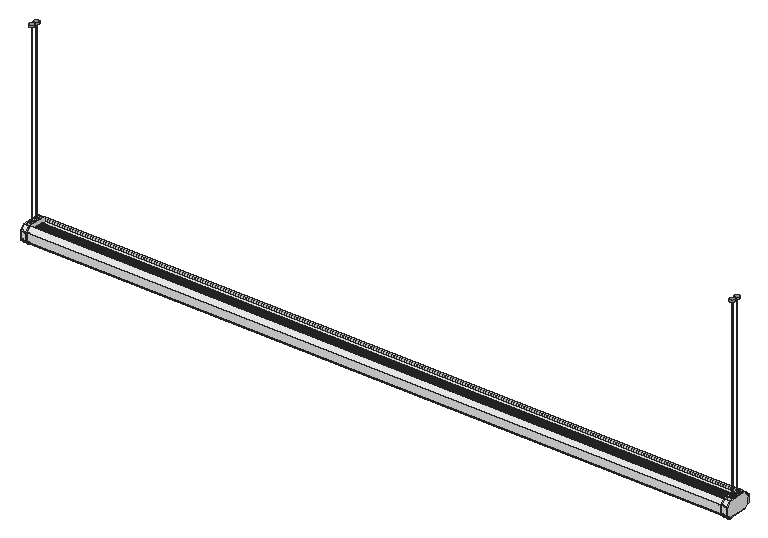
Revit family "Uno Suspended Lighting Fixture 1", category Lighting Fixtures, host Ceiling, Revit 2018 (continued)
Definition of nested family "Uno Suspended-UNOS1 With 3 Joiner"
  Reference planes (in)
    plane 29: x = -0.25
    plane 30: x = 0.25
  Forms (in)
    Extrusion 1, solid, material <- "Material"
      sketch origin (0, 0, 0) x (0, 1, 0) y (0, 0, 1)
        loop
          line (1.2925, 72) -> (-1.2925, 72) -> (-1.81441, 71.47809)
          arc (-1.81441, 71.47809) -> (-1.82965, 71.45528) -> (-1.835, 71.42838) r 0.07031
          line (-1.835, 71.42838) -> (-1.835, 70.40162)
          arc (-1.835, 70.40162) -> (-1.82965, 70.37472) -> (-1.81441, 70.35191) r 0.07031
          line (-1.81441, 70.35191) -> (-1.2925, 69.83) -> (1.2925, 69.83) -> (1.81441, 70.35191)
          arc (1.81441, 70.35191) -> (1.82965, 70.37472) -> (1.835, 70.40162) r 0.07031
          line (1.835, 70.40162) -> (1.835, 71.42838)
          arc (1.835, 71.42838) -> (1.82965, 71.45528) -> (1.81441, 71.47809) r 0.07031
          line (1.81441, 71.47809) -> (1.2925, 72)
      from -24 to -23.92126
    Extrusion 2, solid, material <- "Material"
      sketch origin (0, 0, 0) x (0, 1, 0) y (0, 0, -1)
        loop
          arc (1.835, -70.40162) -> (1.82965, -70.37472) -> (1.81441, -70.35191) r 0.07031
          line (1.81441, -70.35191) -> (1.30507, -69.84257)
          arc (1.30507, -69.84257) -> (1.29114, -69.83327) -> (1.2747, -69.83) r 0.04297
          line (1.2747, -69.83) -> (-1.2747, -69.83)
          arc (-1.2747, -69.83) -> (-1.29113, -69.83327) -> (-1.30507, -69.84257) r 0.04297
          line (-1.30507, -69.84257) -> (-1.81441, -70.35191)
          arc (-1.81441, -70.35191) -> (-1.82965, -70.37472) -> (-1.835, -70.40162) r 0.07031
          line (-1.835, -70.40162) -> (-1.835, -71.42873)
          arc (-1.835, -71.42873) -> (-1.82971, -71.45531) -> (-1.81466, -71.47784) r 0.06946
          line (-1.81466, -71.47784) -> (-1.30555, -71.98695)
          arc (-1.30555, -71.98695) -> (-1.2911, -71.99661) -> (-1.27405, -72) r 0.04455
          line (-1.27405, -72) -> (1.2747, -72)
          arc (1.2747, -72) -> (1.29114, -71.99673) -> (1.30507, -71.98743) r 0.04297
          line (1.30507, -71.98743) -> (1.81441, -71.47809)
          arc (1.81441, -71.47809) -> (1.82965, -71.45528) -> (1.835, -71.42838) r 0.07031
          line (1.835, -71.42838) -> (1.835, -70.40162)
      from -24 to -23.92126
    Extrusion 3, void
      sketch origin (0, 0, 0) x (1, 0, 0) y (0, 1, 0)
        loop
          line (-23.92126, 1.085) -> (-23.92126, -1.085) -> (1.6802, -1.085) -> (23.92126, -1.085) -> (23.92126, 1.085) -> (1.22247, 1.085) -> (-23.92126, 1.085)
      from 69.83 to 69.98748
    Extrusion 4, solid, material <- "Glass"
      sketch origin (0, 0, 0) x (0, 1, 0) y (0, 0, -1)
        loop
          line (1.085, -69.98748) -> (1.085, -69.90874) -> (-1.085, -69.90874) -> (-1.085, -69.98748) -> (1.085, -69.98748)
      from -23.92126 to 23.92126
    Extrusion 5, solid, material <- "Material"
      sketch origin (0, 0, 0) x (0, 1, 0) y (0, 0, -1)
        loop
          arc (1.835, -70.40162) -> (1.82965, -70.37472) -> (1.81441, -70.35191) r 0.07031
          line (1.81441, -70.35191) -> (1.2925, -69.83) -> (-1.2925, -69.83) -> (-1.81441, -70.35191)
          arc (-1.81441, -70.35191) -> (-1.82965, -70.37472) -> (-1.835, -70.40162) r 0.07031
          line (-1.835, -70.40162) -> (-1.835, -71.42873)
          arc (-1.835, -71.42873) -> (-1.82971, -71.45531) -> (-1.81466, -71.47784) r 0.06946
          line (-1.81466, -71.47784) -> (-1.2925, -72) -> (-1.2925, -71.5) -> (-0.69524, -71.5) -> (-0.69524, -71.56038)
          arc (-0.69524, -71.56038) -> (-0.67703, -71.5786) -> (-0.65881, -71.56038) r 0.01821
          line (-0.65881, -71.56038) -> (-0.65881, -71.5) -> (-0.44524, -71.5) -> (-0.44524, -71.56038)
          arc (-0.44524, -71.56038) -> (-0.42703, -71.5786) -> (-0.40881, -71.56038) r 0.01821
          line (-0.40881, -71.56038) -> (-0.40881, -71.5) -> (-0.19524, -71.5) -> (-0.19524, -71.56038)
          arc (-0.19524, -71.56038) -> (-0.17703, -71.5786) -> (-0.15881, -71.56038) r 0.01821
          line (-0.15881, -71.56038) -> (-0.15881, -71.5) -> (0.15881, -71.5) -> (0.15881, -71.56038)
          arc (0.15881, -71.56038) -> (0.17703, -71.5786) -> (0.19524, -71.56038) r 0.01821
          line (0.19524, -71.56038) -> (0.19524, -71.5) -> (0.40881, -71.5) -> (0.40881, -71.56038)
          arc (0.40881, -71.56038) -> (0.42703, -71.5786) -> (0.44524, -71.56038) r 0.01821
          line (0.44524, -71.56038) -> (0.44524, -71.5) -> (0.65881, -71.5) -> (0.65881, -71.56038)
          arc (0.65881, -71.56038) -> (0.67703, -71.5786) -> (0.69524, -71.56038) r 0.01821
          line (0.69524, -71.56038) -> (0.69524, -71.5) -> (1.2925, -71.5) -> (1.2925, -72) -> (1.81441, -71.47809)
          arc (1.81441, -71.47809) -> (1.82965, -71.45528) -> (1.835, -71.42838) r 0.07031
          line (1.835, -71.42838) -> (1.835, -70.40162)
        loop
          line (1.67752, -70.43773) -> (1.22727, -69.98748) -> (-1.22727, -69.98748) -> (-1.67752, -70.43773) -> (-1.67752, -71.39227) -> (-1.335, -71.73479) -> (-1.335, -71.4575) -> (1.335, -71.4575) -> (1.335, -71.73479) -> (1.67752, -71.39227) -> (1.67752, -70.43773)
      from -23.92126 to 23.92126
  Cuts and joins
    Extrusion 3 cuts Extrusion 5
  Dimensions and locks (in)
    equal spacing: host sketch curve, plane 3 "Light Source Axis (L/R)", host sketch curve
    equal spacing: host sketch curve, plane 1 "Light Source Axis (F/B)", host sketch curve
    host sketch curve to host sketch curve = 10' - 0"  (x2)
    equal spacing: plane 5, plane 1 "Light Source Axis (F/B)", plane 6
    "Depth": plane 5 to plane 6
    "Distance from ceiling": plane 2 "Ceiling" to plane 7
    locked: plane 7 to plane 9 at 0.15748
    locked: plane 12 to plane 8 at 0.15748
    locked: plane 5 to plane 10 at 0.15748
    locked: plane 11 to plane 6 at 0.15748
    equal spacing: plane 7, plane 13, plane 8
    plane 5 to plane 18 = 0' - 0 1/2"
    locked: plane 6 to plane 19 at 0.5
    "Heigth": plane 7 to plane 8
    equal spacing: plane 7, plane 14, plane 13
    equal spacing: plane 13, plane 15, plane 8
    locked: plane 17 to plane 21 at 0.07874
    equal spacing: plane 20, plane 24, plane 22
    locked: plane 18 to plane 25 at 0.25
    locked: plane 19 to plane 26 at 0.25
    equal spacing: plane 12, plane 27, plane 8
    locked: plane 2 "Ceiling" to plane 28 at 0.15748
    plane 29 to plane 3 "Light Source Axis (L/R)" to plane 30 = 0' - 0 1/4" locked, 0' - 0 1/4" locked
    "Length": plane 22 to plane 23
    equal spacing: plane 22, plane 3 "Light Source Axis (L/R)", plane 23
    locked: plane 21 to plane 23
    Extrusion 5 sketch curve to Extrusion 5 sketch curve to Extrusion 5 sketch curve to plane 1 "Light Source Axis (F/B)" to Extrusion 5 sketch curve to Extrusion 5 sketch curve to Extrusion 5 sketch curve = 0' - 0 1/4" locked, 0' - 0 1/4" locked, 0' - 0.17703" locked, 0' - 0.17703" locked, 0' - 0 1/4" locked, 0' - 0 1/4" locked
    locked: plane 20 to plane 16 at 0.07874
    aligned and locked: plane 3 "Light Source Axis (L/R)" to imposter light
    aligned and locked: plane 1 "Light Source Axis (F/B)" to imposter light
    aligned and locked: plane 4 "Light Source Elevation" to imposter light
    aligned and locked: plane 7 to Extrusion 1 sketch curve
    aligned and locked: plane 8 to Extrusion 1 sketch curve
    aligned and locked: plane 16 to Extrusion 1
    aligned and locked: plane 17 to Extrusion 2
    aligned and locked: Extrusion 2 to plane 21
    aligned and locked: Extrusion 3 sketch curve to plane 16
    aligned and locked: plane 17 to Extrusion 3 sketch curve
    aligned and locked: plane 12 to Extrusion 3
    aligned and locked: Extrusion 3 to plane 8
    aligned and locked: Extrusion 3 sketch curve to plane 25
    aligned and locked: plane 26 to Extrusion 3 sketch curve
    aligned and locked: Extrusion 4 to plane 17
    aligned and locked: Extrusion 4 sketch curve to plane 12
    aligned and locked: Extrusion 4 sketch curve to plane 27
    aligned and locked: Extrusion 4 sketch curve to plane 25
    aligned and locked: plane 26 to Extrusion 4 sketch curve
    aligned and locked: Extrusion 5 to plane 17
    aligned and locked: Extrusion 5 to plane 16
    aligned and locked: Extrusion 4 to plane 16
    aligned and locked: Extrusion 5 sketch curve to plane 5
    aligned and locked: Extrusion 5 sketch curve to plane 10
    aligned and locked: Extrusion 5 sketch curve to plane 14
    aligned and locked: Extrusion 5 sketch curve to plane 8
    aligned and locked: plane 12 to Extrusion 5 sketch curve
    aligned and locked: Extrusion 5 sketch curve to plane 6
    aligned and locked: plane 11 to Extrusion 5 sketch curve
    aligned and locked: plane 19 to Extrusion 5 sketch curve
    aligned and locked: plane 4 "Light Source Elevation" to plane 13
    aligned and locked: Extrusion 1 to plane 20
    aligned and locked: cut or joined group of Extrusion 3, Extrusion 5 to plane 16
    aligned and locked: plane 20 to plane 22
  Automatic sketch dimensions
    Extrusion 2 sketch curve to plane 6 = 0' - 0"
    Extrusion 2 sketch curve to plane 8 = 0' - 0"
    Extrusion 2 sketch curve to plane 7 = 0' - 0"
    Extrusion 2 sketch curve to plane 5 = 0' - 0"
    plane 6 to Extrusion 2 sketch curve = 0' - 0.02034"
    plane 6 to Extrusion 2 sketch curve = 0' - 0.02059"
    Extrusion 2 sketch curve to plane 14 = 0' - 0.02877"
    Extrusion 2 sketch curve to Extrusion 2 sketch curve = 0' - 0.04911"
    Extrusion 2 sketch curve to plane 15 = 0' - 0.02912"  (x2)
    Extrusion 2 sketch curve to Extrusion 2 sketch curve = 0' - 0.04972"
    Extrusion 2 sketch curve to plane 7 = 0' - 0.01305"
    Extrusion 2 sketch curve to plane 19 = 0' - 0.02945"
    plane 8 to Extrusion 2 sketch curve = 0' - 0.01257"  (x2)
    Extrusion 2 sketch curve to plane 19 = 0' - 0.02993"
    Extrusion 2 sketch curve to Extrusion 2 sketch curve = 0' - 0.03037"
    Extrusion 2 sketch curve to Extrusion 2 sketch curve = 0' - 0.0315"
    Extrusion 2 sketch curve to plane 18 = 0' - 0.0603"  (x2)
    Extrusion 2 sketch curve to plane 7 = 0' - 0.01257"
    Extrusion 2 sketch curve to plane 18 = 0' - 0.02993"  (x2)
    Extrusion 2 sketch curve to plane 5 = 0' - 0 9/128"  (x2)
    Extrusion 2 sketch curve to plane 14 = 0' - 0.02912"
    Extrusion 2 sketch curve to plane 5 = 0' - 0.02059"  (x2)
    Extrusion 5 sketch curve to plane 7 = 0' - 0"  (x2)
    Extrusion 5 sketch curve to plane 18 = 0' - 0"
    plane 6 to Extrusion 5 sketch curve = 0' - 0.02034"
    plane 6 to Extrusion 5 sketch curve = 0' - 0.02059"
    Extrusion 5 sketch curve to plane 19 = 0' - 0.0425"  (x2)
    Extrusion 5 sketch curve to plane 19 = 0' - 0.10773"
    plane 14 to Extrusion 5 sketch curve = 0' - 0.10288"  (x4)
    Extrusion 5 sketch curve to Extrusion 5 sketch curve = 0' - 0.01821"  (x6)
    Extrusion 5 sketch curve to plane 18 = 0' - 0.10773"
    Extrusion 5 sketch curve to plane 18 = 0' - 0.0425"  (x2)
    Extrusion 5 sketch curve to plane 5 = 0' - 0.02059"  (x2)
    Extrusion 5 sketch curve to plane 9 = 0' - 0.10773"  (x2)
    Extrusion 5 sketch curve to Extrusion 5 sketch curve = 0' - 0.06038"  (x5)
    plane 14 to Extrusion 5 sketch curve = 0' - 0.0425"  (x2)
    Extrusion 5 sketch curve to plane 14 = 0' - 0.06523"  (x2)
    Extrusion 5 sketch curve to plane 15 = 0' - 0.06523"  (x2)
    Extrusion 3 sketch curve to plane 30 = 0' - 0.97247"
    Extrusion 3 sketch curve to plane 30 = 0' - 1.4302"
    Extrusion 5 sketch curve to plane 14 = 0' - 0.02877"
    Extrusion 5 sketch curve to Extrusion 5 sketch curve = 0' - 0.04911"
    Extrusion 5 sketch curve to plane 15 = 0' - 0.02912"  (x2)
    Extrusion 5 sketch curve to Extrusion 5 sketch curve = 0' - 0 9/128"
    Extrusion 5 sketch curve to plane 5 = 0' - 0 9/128"  (x2)
    Extrusion 5 sketch curve to plane 14 = 0' - 0.02912"
    Extrusion 5 sketch curve to Extrusion 5 sketch curve = 0' - 0"  (x2)
    Extrusion 1 sketch curve to plane 6 = 0' - 0"
    Extrusion 1 sketch curve to plane 5 = 0' - 0"
    plane 6 to Extrusion 1 sketch curve = 0' - 0.02059"  (x2)
    Extrusion 1 sketch curve to plane 14 = 0' - 0.02912"  (x2)
    plane 6 to Extrusion 1 sketch curve = 0' - 0 9/128"  (x2)
    Extrusion 1 sketch curve to plane 15 = 0' - 0.02912"  (x2)
    Extrusion 1 sketch curve to plane 19 = 0' - 0.0425"  (x2)
    Extrusion 1 sketch curve to plane 18 = 0' - 0.0425"  (x2)
    Extrusion 1 sketch curve to plane 5 = 0' - 0 9/128"  (x2)
    Extrusion 1 sketch curve to plane 5 = 0' - 0.02059"  (x2)
Types (36): name | Voltage | Photometric Web File | Length | Hanging Height | Case | Apparent Load | 4FT TO 8FT | 28FT | 26FT | 24 FT | 22FT C | 22FT B | 22FT A | 20FT C | 20FT B | 20FT A | 16FT | 14FT | 12FT | 10FT
  White 4FT | 0 V | "edge-suspended-b3.ies" | 4' - 0" | 2' - 0" | White | 0 VA | yes | no | no | no | no | no | no | no | no | no | no | no | no | no
  White 5FT | 0 V | "edge-suspended-b3.ies" | 5' - 0" | 2' - 0" | White | 0 VA | yes | no | no | no | no | no | no | no | no | no | no | no | no | no
  White 6FT | 0 V | "edge-suspended-b3.ies" | 6' - 0" | 2' - 0" | White | 0 VA | yes | no | no | no | no | no | no | no | no | no | no | no | no | no
  Black 7FT | 0 V | "generic" | 7' - 0" | 2' - 0" | Black | 0 VA | yes | no | no | no | no | no | no | no | no | no | no | no | no | no
  White 8FT | 0 V | "edge-suspended-b3.ies" | 8' - 0" | 2' - 0" | White | 0 VA | yes | no | no | no | no | no | no | no | no | no | no | no | no | no
  Black 10FT | 0 V | "generic" | 4' - 0" | 2' - 0" | Black | 0 VA | no | no | no | no | no | no | no | no | no | no | no | no | no | yes
  White 12FT | 0 V | "edge-suspended-b3.ies" | 4' - 0" | 2' - 0" | White | 0 VA | no | no | no | no | no | no | no | no | no | no | no | no | yes | no
  Black 14FT | 0 V | "generic" | 4' - 0" | 2' - 0" | Black | 0 VA | no | no | no | no | no | no | no | no | no | no | no | yes | no | no
  White 16FT | 0 V | "edge-suspended-b3.ies" | 4' - 0" | 2' - 0" | White | 0 VA | no | no | no | no | no | no | no | no | no | no | yes | no | no | no
  Black 20FT B | 0 V | "edge-suspended-b3.ies" | 4' - 0" | 2' - 0" | Black | 0 VA | no | no | no | no | no | no | no | no | yes | no | no | no | no | no
  Black 4FT | 120 V | "edge-suspended-b3.ies" | 4' - 0" | 2' - 0" | Black | 120 VA | yes | no | no | no | no | no | no | no | no | no | no | no | no | no
  Black 5FT | 0 V | "generic" | 5' - 0" | 2' - 0" | Black | 0 VA | yes | no | no | no | no | no | no | no | no | no | no | no | no | no
  Black 6FT | 0 V | "generic" | 6' - 0" | 2' - 0" | Black | 0 VA | yes | no | no | no | no | no | no | no | no | no | no | no | no | no
  White 7FT | 0 V | "edge-suspended-b3.ies" | 7' - 0" | 2' - 0" | White | 0 VA | yes | no | no | no | no | no | no | no | no | no | no | no | no | no
  Black 8FT | 0 V | 0' - 0" | 8' - 0" | 2' - 0" | Black | 0 VA | yes | no | no | no | no | no | no | no | no | no | no | no | no | no
  White 10FT | 0 V | "edge-suspended-b3.ies" | 4' - 0" | 2' - 0" | White | 0 VA | no | no | no | no | no | no | no | no | no | no | no | no | no | yes
  Black 12FT | 0 V | "generic" | 4' - 0" | 2' - 0" | Black | 0 VA | no | no | no | no | no | no | no | no | no | no | no | no | yes | no
  White 14FT | 0 V | "edge-suspended-b3.ies" | 4' - 0" | 2' - 0" | White | 0 VA | no | no | no | no | no | no | no | no | no | no | no | yes | no | no
  Black 16FT | 0 V | "generic" | 4' - 0" | 2' - 0" | Black | 0 VA | no | no | no | no | no | no | no | no | no | no | yes | no | no | no
  White 20FT B | 0 V | "edge-suspended-b3.ies" | 4' - 0" | 2' - 0" | White | 0 VA | no | no | no | no | no | no | no | no | yes | no | no | no | no | no
  White 20FT A | 0 V | "edge-suspended-b3.ies" | 4' - 0" | 2' - 0" | White | 0 VA | no | no | no | no | no | no | no | no | no | yes | no | no | no | no
  White 20FT C | 0 V | "edge-suspended-b3.ies" | 4' - 0" | 2' - 0" | White | 0 VA | no | no | no | no | no | no | no | yes | no | no | no | no | no | no
  Black 20FT A | 0 V | "edge-suspended-b3.ies" | 4' - 0" | 2' - 0" | Black | 0 VA | no | no | no | no | no | no | no | no | no | yes | no | no | no | no
  Black 20FT C | 0 V | "edge-suspended-b3.ies" | 4' - 0" | 2' - 0" | Black | 0 VA | no | no | no | no | no | no | no | yes | no | no | no | no | no | no
  Black 22FT A | 0 V | 0' - 0" | 4' - 0" | 2' - 0" | Black | 0 VA | no | no | no | no | no | no | yes | no | no | no | no | no | no | no
  Black 22FT B | 0 V | 0' - 0" | 4' - 0" | 2' - 0" | Black | 0 VA | no | no | no | no | no | yes | no | no | no | no | no | no | no | no
  Black 22FT C | 0 V | 0' - 0" | 4' - 0" | 2' - 0" | Black | 0 VA | no | no | no | no | yes | no | no | no | no | no | no | no | no | no
  Black 24FT | 0 V | 0' - 0" | 4' - 0" | 2' - 0" | Black | 0 VA | no | no | no | yes | no | no | no | no | no | no | no | no | no | no
  White 24FT | 0 V | "edge-suspended-b3.ies" | 4' - 0" | 2' - 0" | White | 0 VA | no | no | no | yes | no | no | no | no | no | no | no | no | no | no
  White 26FT | 0 V | "edge-suspended-b3.ies" | 4' - 0" | 2' - 0" | White | 0 VA | no | no | yes | no | no | no | no | no | no | no | no | no | no | no
  Black 26FT | 0 V | 0' - 0" | 4' - 0" | 2' - 0" | Black | 0 VA | no | no | yes | no | no | no | no | no | no | no | no | no | no | no
  Black 28FT | 0 V | 0' - 0" | 4' - 0" | 2' - 0" | Black | 0 VA | no | yes | no | no | no | no | no | no | no | no | no | no | no | no
  White 28FT | 0 V | "edge-suspended-b3.ies" | 4' - 0" | 5' - 0" | White | 0 VA | no | yes | no | no | no | no | no | no | no | no | no | no | no | no
  White 22FT C | 0 V | "edge-suspended-b3.ies" | 4' - 0" | 2' - 0" | White | 0 VA | no | no | no | no | yes | no | no | no | no | no | no | no | no | no
  White 22FT B | 0 V | "edge-suspended-b3.ies" | 4' - 0" | 2' - 0" | White | 0 VA | no | no | no | no | no | yes | no | no | no | no | no | no | no | no
  White 22FT A | 0 V | "edge-suspended-b3.ies" | 4' - 0" | 2' - 0" | White | 0 VA | no | no | no | no | no | no | yes | no | no | no | no | no | no | no
